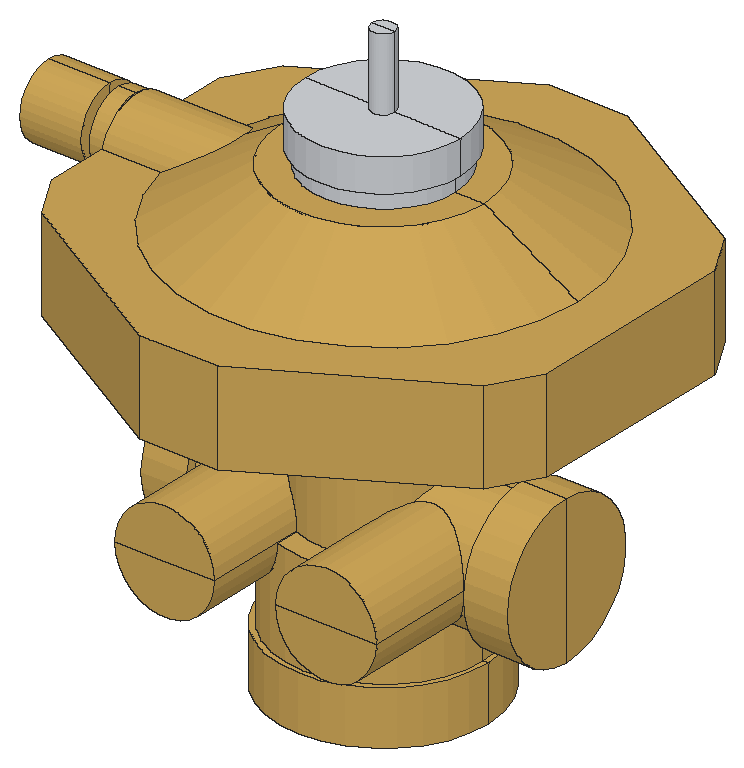
Revit family "Differenzdruckregler 4002 FIX TS 50kPa", category Rohrzubehör, Revit 2020
Family settings
  Bemaßung runder Anschluss = Durchmesser verwenden
  Teiletyp = Unterbricht
  OmniClass-Nummer = 23.65.55.14
  OmniClass-Titel = Valves for Liquid Services
  Arbeitsebenenbasiert = Nein
  Immer vertikal = Ja
  Beim Laden mit Abzugskörper schneiden = Nein
  Gemeinsam genutzt = Nein
Parameters (values of type "Ohne Dämmung")
  y2 [instance] = K14 + K9 + H01  # 45.649 mm
  y1 [instance] = (R03 * 2) + R05  # 66.000 mm
  k25 = 9.000 mm  # constant formula
  k24 = 13.000 mm  # constant formula
  k23 = 6.000 mm  # constant formula
  k22 = 22.000 mm  # constant formula
  k21 = 13.000 mm  # constant formula
  k20 = 14.000 mm  # constant formula
  k19 = 2.000 mm  # constant formula
  Vorgabe-Ansicht = 0.000 mm
  PN = 16  # constant formula
  Min. Betriebstemperatur (Frostschutz) = -20 °C  # constant formula
  Max. zulässige Betriebstemperatur bis DN32 = 130 °C  # constant formula
  Max. zulässige Betriebstemperatur DN40 - DN50 = 110 °C  # constant formula
  Max. Differenzdruck am Gehäuse = 400000.0 Pa  # constant formula
  Max. Betriebsdruck = 1600000.0 Pa  # constant formula
  Ventilschaft = "Edelstahl 14301"  # constant formula
  VRL01 [instance] = 30.000 mm  # constant formula
  V12 = 17.000 mm  # constant formula
  V10 = 16.000 mm  # constant formula
  V09 [instance] = 11.000 mm  # constant formula
  V08 [instance] = G01 + 3.000 mm  # 16.220 mm
  V03 [instance] = G01 + 5.000 mm  # 18.220 mm
  V02 [instance] = V01 + 4.500 mm  # 12.000 mm
  V01 [instance] = Nennweite / 2  # 7.500 mm
  URL = "www.herz-armaturen.at"
  SCRNSEQ = "ARM;ARM_TYP=\"DIFR\";2"
  SCRNCODE = "05;03;4"  # constant formula
  S07 = 10.000 mm  # constant formula
  S05 [instance] = S01 - 1.000 mm  # 13.850 mm
  S04 [instance] = S02 - 1.000 mm  # 18.000 mm
  S03 [instance] = size_lookup("4002_FIX_TS_50", "S03", 26.500 mm, Nennweite)  # 25.600 mm
  S02 [instance] = size_lookup("4002_FIX_TS_50", "S02", 19.000 mm, Nennweite)  # 19.000 mm
  S01 [instance] = size_lookup("4002_FIX_TS_50", "S01", 14.850 mm, Nennweite)  # 14.850 mm
  Regleranschlussmutter = "Messing CW614N"  # constant formula
  Regelbereich = "FIX 50kPa"  # constant formula
  R06 [instance] = size_lookup("4002_FIX_TS_50", "R06", 14.500 mm, Nennweite)  # 14.500 mm
  R05 [instance] = size_lookup("4002_FIX_TS_50", "R05", 41.000 mm, Nennweite)  # 50.000 mm
  R04 [instance] = size_lookup("4002_FIX_TS_50", "R04", 12.500 mm, Nennweite)  # 12.500 mm
  R03 [instance] = size_lookup("4002_FIX_TS_50", "R03", 8.000 mm, Nennweite)  # 8.000 mm
  R02 = 14.500 mm  # constant formula
  R01 [instance] = size_lookup("4002_FIX_TS_50", "R01", 11.500 mm, Nennweite)  # 11.500 mm
  Min. Betriebstemperatur (reines Wasser) = 2 °C  # constant formula
  O-Ringe = "EPDM"  # constant formula
  Nennweite [instance] = 15.000 mm
  Membrangehäuse = "Messing CW602N"  # constant formula
  Membrane = "EPDM"  # constant formula
  Medium = "Wasserbeschaffenheit nach ÖNORM H 5195 und VDI 2035\r\nDie Verwendung von Ethylen- und Propylenglykol ist im\r\nMischungsverhältnis 25 - 50 Vol.-% zulässig."
  L07 [instance] = size_lookup("4002_FIX_TS_50", "L07", 33.000 mm, Nennweite)  # 33.000 mm
  L06 = 7.000 mm  # constant formula
  L [instance] = size_lookup("4002_FIX_TS_50", "L", 66.000 mm, Nennweite)  # 66.000 mm
  K9 = 4.000 mm  # constant formula
  K8 = 55.000 mm  # constant formula
  K7 = 8.700 mm  # constant formula
  K6 = 11.700 mm  # constant formula
  K5 = 13.000 mm  # constant formula
  K4 = 12.000 mm  # constant formula
  K3 = 15.000 mm  # constant formula
  K2 = 2.350 mm  # constant formula
  K18 = 89.000 mm  # constant formula
  K17 = 66.700 mm  # constant formula
  K16 = 3.000 mm  # constant formula
  K15 = 26.649 mm  # constant formula
  K14 = 16.649 mm  # constant formula
  K13 = 16.649 mm  # constant formula
  K12 = 10.000 mm  # constant formula
  K11 = 35.000 mm  # constant formula
  K10 = 18.250 mm  # constant formula
  K1.1 = 2.350 mm  # constant formula
  K1 = 7.651 mm - 1.000 mm  # 6.651 mm
  J9 = 15.700 mm  # constant formula
  J8 = 7.850 mm  # constant formula
  J7 = 15.897 mm  # constant formula
  J6 = 3.900 mm  # constant formula
  J5 = 6.500 mm  # constant formula
  J4 = 1.500 mm  # constant formula
  J3 = 3.200 mm  # constant formula
  J2 = 11.000 mm  # constant formula
  J11 = 3.500 mm  # constant formula
  J10 = 18.897 mm  # constant formula
  J1 = 6.500 mm  # constant formula
  Hersteller = "HERZ-Armaturen Ges.m.b.H"  # constant formula
  H2 [instance] = size_lookup("4002_FIX_TS_50", "H2", 28.000 mm, Nennweite)  # 28.000 mm
  H1 [instance] = K1 + K2 + K3 + K4 + K5 + K7 + K8 + K16 + 16.650 mm  # 132.351 mm
  H04 = 4.000 mm  # constant formula
  H03 = 9.800 mm  # constant formula
  H02 [instance] = size_lookup("4002_FIX_TS_50", "H02", 53.000 mm, Nennweite)  # 53.000 mm
  H01 [instance] = size_lookup("4002_FIX_TS_50", "H01", 25.000 mm, Nennweite)  # 25.000 mm
  Gehäuse = "DZR Messing CC770S"  # constant formula
  G01 [instance] = size_lookup("4002_FIX_TS_50", "G01", 13.220 mm, Nennweite)  # 13.220 mm
  Hinweise zum Material = "Gemäß Art 33 der REACH-Verordnung (EG Nr. 1907/2006) sind wir verpflichtet, darauf hinzuweisen,\r\ndass der Stoff Blei auf der SVHC-Liste geführt wird und dass alle aus Messing bestehenden Bauteile,\r\ndie in unseren Erzeugnissen verarbeitet sind, mehr als 0,1 % (w/w) Blei (CAS: 7439-92-1 / EINECS:\r\n231-100-4) enthalten. Da Blei als Legierungsbestandteil fest gebunden ist, sind keine Expositionen zu\r\nerwarten und daher sind keine zusätzlichen Angaben zur sicheren Verwendung notwendig.\r\n\r\nIm Hanf enthaltenes Ammoniak schädigt\r\nMessingventilgehäuse, EPDM Dichtungen werden durch\r\nMineralöle bzw. mineralölhaltige Schmierstoffe aufgequollen\r\nund führen somit zum Ausfall der EPDM-Dichtungen. Für\r\nFrost- und Korrosionsschutzmittel auf der Basis von Ethylen- und Propylenglykol sind die entsprechenden\r\nAngaben den Unterlagen des Herstellers zu entnehmen."
  Dämmung = no
  Dämmschale = "EPP (expandiertes Polypropylen)"  # constant formula
  Druckfeder = "Federstahl, rost-und säurebeständig"  # constant formula
  DN50 [instance] = Nennweite = 50.000 mm  # no
  DN40 [instance] = Nennweite = 40.000 mm  # no
  DN32-40 [instance] = or(Nennweite = 32.000 mm, Nennweite = 40.000 mm)  # no
  DN32 [instance] = Nennweite = 32.000 mm  # no
  DN25 [instance] = Nennweite = 25.000 mm  # no
  DN20 [instance] = Nennweite = 20.000 mm  # no
  DN15-25 [instance] = or(Nennweite = 15.000 mm, Nennweite = 20.000 mm, Nennweite = 25.000 mm)  # yes
  DN15,20,25,32,50 [instance] = or(Nennweite = 15.000 mm, Nennweite = 20.000 mm, Nennweite = 25.000 mm, Nennweite = 32.000 mm, Nennweite = 50.000 mm)  # yes
  DN15 [instance] = Nennweite = 15.000 mm  # yes
  D07 [instance] = if(Nennweite = 15.000 mm, 32.000 mm, if(Nennweite = 20.000 mm, 33.000 mm, if(Nennweite = 25.000 mm, 33.000 mm, if(Nennweite = 32.000 mm, 49.000 mm, if(Nennweite = 40.000 mm, 57.560 mm, if(Nennweite = 50.000 mm, 57.560 mm, 0.000 mm))))))  # 32.000 mm
  D06 [instance] = if(Nennweite = 15.000 mm, 32.000 mm, if(Nennweite = 20.000 mm, 33.000 mm, if(Nennweite = 25.000 mm, 33.000 mm, if(Nennweite = 32.000 mm, 49.000 mm, if(Nennweite = 40.000 mm, 57.560 mm, if(Nennweite = 50.000 mm, 57.560 mm, 0.000 mm))))))  # 32.000 mm
  D05 [instance] = if(Nennweite = 15.000 mm, 36.750 mm, if(Nennweite = 20.000 mm, 40.700 mm, if(Nennweite = 25.000 mm, 49.200 mm, if(Nennweite = 32.000 mm, 54.150 mm, if(Nennweite = 40.000 mm, 60.750 mm, if(Nennweite = 50.000 mm, 72.700 mm, 0.000 mm))))))  # 36.750 mm
  D04 [instance] = if(Nennweite = 15.000 mm, 78.500 mm, if(Nennweite = 20.000 mm, 82.000 mm, if(Nennweite = 25.000 mm, 84.000 mm, if(Nennweite = 32.000 mm, 120.000 mm, if(Nennweite = 40.000 mm, 130.000 mm, if(Nennweite = 50.000 mm, 130.500 mm, 0.000 mm))))))  # 78.500 mm
  D03 [instance] = if(Nennweite = 15.000 mm, 96.000 mm, if(Nennweite = 20.000 mm, 110.000 mm, if(Nennweite = 25.000 mm, 112.000 mm, if(Nennweite = 32.000 mm, 152.000 mm, if(Nennweite = 40.000 mm, 170.000 mm, if(Nennweite = 50.000 mm, 179.000 mm, 0.000 mm))))))  # 96.000 mm
  D02 [instance] = size_lookup("4002_FIX_TS_50", "R05", 41.000 mm, Nennweite)  # 50.000 mm
  D01 [instance] = size_lookup("4002_FIX_TS_50", "G01", 13.220 mm, Nennweite)  # 13.220 mm
  Bestellnummer Dämmung [instance] = if(and(Dämmung, Nennweite = 15.000 mm), 1400291, if(and(Dämmung, Nennweite = 20.000 mm), 1400291, if(and(Dämmung, Nennweite = 25.000 mm), 1400291, if(and(Dämmung, Nennweite = 32.000 mm), 1400291, if(and(Dämmung, Nennweite = 40.000 mm), 1400291, if(and(Dämmung, Nennweite = 50.000 mm), 1400291, 0))))))  # 0
  Bestellnummer [instance] = size_lookup("4002_FIX_TS_50", "Artnr", 0, Nennweite)  # 1400291
  B2 [instance] = size_lookup("4002_FIX_TS_50", "B2", 31.000 mm, Nennweite)  # 31.000 mm
  B1 [instance] = size_lookup("4002_FIX_TS_50", "B1", 26.000 mm, Nennweite)  # 26.000 mm
  B04 = 100.649 mm  # constant formula
  B03 = 44.500 mm  # constant formula
  B02 = 104.688 mm  # constant formula
  B01 = 10.000 mm  # constant formula
  Anwendungsgebiet = "Der Differenzdruckregler ist ein Regler mit linearer Kennlinie in Geradsitzausführung und arbeitet ohne Hilfsenergie. Der Differenzdruck-Sollwert beträgt 23 kPa, 50 kPa bzw 13 kPa. Im Lieferumfang enthalten ist die Impulsleitung (1000 mm), diese ist mit einem Strangregulierventil im Vorlauf zu verbinden."
  Anschlussnippel = "Messing CW602N"  # constant formula
  Anschlussgewinde für Antrieb = "Messing CW602N"  # constant formula
Types (2, lengths in mm): name | y2 | y1 | V08 | V03 | V02 | V01 | S03 | R05 | R04 | R03 | R01 | Nennweite | L07 | L | H2 | H02 | H01 | G01 | Dämmung | DN25 | DN15 | D07 | D06 | D05 | D04 | D03 | D02 | D01 | Bestellnummer Dämmung | Bestellnummer | B2 | B1
  Ohne Dämmung | 45.649 | 66.000 | 16.220 | 18.220 | 12.000 | 7.500 | 25.600 | 50.000 | 12.500 | 8.000 | 11.500 | 15.000 | 33.000 | 66.000 | 28.000 | 53.000 | 25.000 | 13.220 | no | no | yes | 32.000 | 32.000 | 36.750 | 78.500 | 96.000 | 50.000 | 13.220 | 0 | 1400291 | 31.000 | 26.000
  Mit Dämmung | 46.649 | 76.000 | 23.600 | 25.600 | 17.000 | 12.500 | 29.000 | 58.200 | 14.500 | 8.900 | 14.800 | 25.000 | 38.000 | 76.000 | 29.000 | 54.500 | 26.000 | 20.600 | yes | yes | no | 33.000 | 33.000 | 49.200 | 84.000 | 112.000 | 58.200 | 20.600 | 1400291 | 1400293 | 33.000 | 28.000
Reference planes
  plane 1 "Mitte (Vorne/hinten)": y = 0
  plane 2: z = 0
  plane 3 "Mitte (Links/rechts)": x = 0
Forms (mm)
  Revolve 1, solid, material "Messing, weicher Gelbton, geschweißt", detail levels fine
    sketch origin (0, 0, 0) x (1, 0, 0) y (0, 0, 1)
      loop
        line (-33, 0) -> (33, 0) -> (33, 13.22) -> (25, 13.22) -> (25, 11.5) -> (-25, 11.5) -> (-25, 13.22) -> (-33, 13.22) -> (-33, 0)
      axis (-33, 0) -> (33, 0)
    angle from 0 to 360
  Revolve 2, solid, material "Messing, weicher Gelbton, geschweißt", detail levels fine
    sketch origin (0, 0, 0) x (1, 0, 0) y (0, 0, 1)
      loop
        line (0, -28) -> (0, 0) -> (-18, 0) -> (-18, -18.2) -> (-19, -18.2) -> (-19, -28) -> (0, -28)
      axis (0, 0) -> (0, -28)
    angle from 0 to 360
  Extrusion 3, solid, material "Messing, weicher Gelbton, geschweißt", detail levels fine
    sketch origin (0, 0, 0) x (0, -1, 0) y (1, 0, 0)
      loop
        line (-46, -7.038) -> (-27.114, -39.75) -> (-18.886, -44.5) -> (18.886, -44.5) -> (27.114, -39.75) -> (46, -7.038) -> (46, 7.038) -> (27.114, 39.75) -> (18.886, 44.5) -> (-18.886, 44.5) -> (-27.114, 39.75) -> (-46, 7.038) -> (-46, -7.038)
    from 29 to 45.649
  Revolve 4, solid, material "Messing, weicher Gelbton, geschweißt", detail levels fine
    sketch origin (0, 0, -7.051) x (1, 0, 0) y (0, 0, 1)
      loop
        line (0, 52.7) -> (0, 62.7) -> (-18.25, 62.7) -> (-35, 52.7) -> (0, 52.7)
      axis (0, 62.7) -> (0, 52.7)
    angle from 0 to 360
  Revolve 5, solid, material "Messing, weicher Gelbton, geschweißt", visible <- "DN15-25", detail levels fine
    sketch origin (-11, 0, 0) x (1, 0, 0) y (0, 1, 0)
      loop
        line (-1.5, 26) -> (-9.2, 26) -> (-9.2, 0) -> (-1.5, 0) -> (-1.5, 26)
      axis (-1.5, 0) -> (-1.5, 26)
    angle from 0 to 360
  Revolve 6, solid, material "Messing, weicher Gelbton, geschweißt", detail levels fine
    sketch origin (-0.988, 0, -6.853) x (-1, 0, 0) y (0, 0, 1)
      loop
        line (43.5, 51.75) -> (59.2, 51.75) -> (59.2, 58.25) -> (48.2, 58.25) -> (48.2, 55.65) -> (46.7, 55.65) -> (46.7, 58.25) -> (43.5, 58.25) -> (43.5, 51.75)
      axis (43.5, 51.75) -> (59.2, 51.75)
    angle from 0 to 360
  Extrusion 7, solid, material "Messing, weicher Gelbton, geschweißt", detail levels fine
    sketch origin (0, 0, 0) x (0, 1, 0) y (0, 0, -1)
      loop
        line (7.85, -43.547) -> (7.85, -32.5) -> (-7.85, -32.5) -> (-7.85, -43.547)
        arc (-7.85, -43.547) -> (0, -51.397) -> (7.85, -43.547) r 7.85
    from 0 to 44.5
  Revolve 8, solid, material "Messing, weicher Gelbton, geschweißt", visible <- "DN15-25", detail levels fine
    sketch origin (-2, 0, 0) x (1, 0, 0) y (0, 1, 0)
      loop
        line (-12.5, 0) -> (-21.5, 0) -> (-21.5, -31) -> (-12.5, -31) -> (-12.5, 0)
      axis (-12.5, 0) -> (-12.5, -31)
    angle from 0 to 360
  Revolve 9, solid, material "Messing, weicher Gelbton, geschweißt", visible <- "DN15-25", detail levels fine
    sketch origin (2, 0, 0) x (1, 0, 0) y (0, 1, 0)
      loop
        line (12.5, 0) -> (12.5, -31) -> (21.6, -31) -> (21.6, 0) -> (12.5, 0)
      axis (12.5, 0) -> (12.5, -31)
    angle from 0 to 360
  Extrusion 10, solid, material "Messing, weicher Gelbton, geschweißt", visible <- "DN32", detail levels fine
    sketch origin (-31.5, 0, 0) x (1, 0, 0) y (0, 1, 0)
      loop
        circle (63, 0) r 6.578
      loop
        circle (63, 0) r 3.28
    from -47 to 0
  Extrusion 11, solid, material "Messing, weicher Gelbton, geschweißt", visible <- "DN32", detail levels fine
    sketch origin (31.5, 0, 0) x (-1, 0, 0) y (0, -1, 0)
      loop
        circle (63, 0) r 6.578
      loop
        circle (63, 0) r 3.28
    from -47 to 0
  Revolve 12, solid, material "Messing, weicher Gelbton, geschweißt", detail levels fine
    sketch origin (0, 0, 0) x (1, 0, 0) y (0, 0, 1)
      loop
        line (-13.85, 0) -> (0, 0) -> (0, 29) -> (-9.85, 29) -> (-9.85, 25) -> (-14.85, 25) -> (-14.85, 15.2) -> (-13.85, 15.2) -> (-13.85, 0)
      axis (0, 29) -> (0, 0)
    angle from 0 to 360
  Extrusion 13, solid, material "Messing, weicher Gelbton, geschweißt", visible <- "DN40", detail levels fine
    sketch origin (29.382, 0, 0) x (-1, 0, 0) y (0, -1, 0)
      loop
        circle (63, 0) r 6.578
      loop
        circle (63, 0) r 3.28
    from -58 to 0
  Extrusion 14, solid, material "Messing, weicher Gelbton, geschweißt", visible <- "DN40", detail levels fine
    sketch origin (-29.455, 0, 0) x (1, 0, 0) y (0, 1, 0)
      loop
        circle (63, 0) r 6.578
      loop
        circle (63, 0) r 3.28
    from -58 to 0
  Extrusion 15, solid, material "Messing, weicher Gelbton, geschweißt", visible <- "DN50", detail levels fine
    sketch origin (28.422, 0, 0) x (-1, 0, 0) y (0, -1, 0)
      loop
        circle (63, 0) r 6.578
      loop
        circle (63, 0) r 3.28
    from -58 to 0
  Extrusion 16, solid, material "Messing, weicher Gelbton, geschweißt", visible <- "DN50", detail levels fine
    sketch origin (-28.422, 0, 0) x (1, 0, 0) y (0, 1, 0)
      loop
        circle (63, 0) r 6.578
      loop
        circle (63, 0) r 3.28
    from -58 to 0
  Revolve 17, solid, material "Messing, weicher Gelbton, geschweißt", visible <- "DN32-40", detail levels fine
    sketch origin (-11, 0, 0) x (1, 0, 0) y (0, 1, 0)
      loop
        line (-1.5, -26) -> (-1.5, 0) -> (-9.2, 0) -> (-9.2, -26) -> (-1.5, -26)
      axis (-1.5, 0) -> (-1.5, -26)
    angle from 0 to 360
  Revolve 18, solid, material "Messing, weicher Gelbton, geschweißt", not visible, detail levels fine
    sketch origin (10.652, 0, 0) x (-1, 0, 0) y (0, 0, 1)
      loop
        line (43.652, 0) -> (73.652, 0) -> (73.652, 7.5) -> (56.652, 7.5) -> (56.652, 12) -> (47.652, 12) -> (47.652, 18.22) -> (40.652, 18.22) -> (40.652, 16.22) -> (35.652, 16.22) -> (35.652, 13.22) -> (43.652, 13.22) -> (43.652, 0)
      axis (35.652, 0) -> (73.652, 0)
    angle from 0 to 360
  Revolve 19, solid, material "Messing, weicher Gelbton, geschweißt", not visible, detail levels fine
    sketch origin (-9.448, 0, 0) x (1, 0, 0) y (0, 0, 1)
      loop
        line (42.448, 0) -> (72.448, 0) -> (72.448, 7.5) -> (55.448, 7.5) -> (55.448, 12) -> (46.448, 12) -> (46.448, 18.22) -> (39.448, 18.22) -> (39.448, 16.22) -> (34.448, 16.22) -> (34.448, 13.22) -> (42.448, 13.22) -> (42.448, 0)
      axis (34.448, 0) -> (72.448, 0)
    angle from 0 to 360
  Revolve 20, solid, detail levels fine
    sketch origin (0, 0, 0) x (1, 0, 0) y (0, 0, 1)
      loop
        line (0, 55.649) -> (0, 77.649) -> (-2, 77.649) -> (-2, 64.649) -> (-14, 64.649) -> (-14, 58.649) -> (-13, 58.649) -> (-13, 55.649) -> (0, 55.649)
      axis (0, 77.649) -> (0, 55.649)
    angle from 0 to 360
  Revolve 21, solid, material "Kunsstoff-Anthrazit/Schwarz", visible <- "Dämmung"
    sketch origin (0, 0, 0) x (1, 0, 0) y (0, 0, 1)
      loop
        line (0, -46.5) -> (36.75, -46.5) -> (36.75, 32) -> (0, 32) -> (0, -46.5)
      axis (0, 32) -> (0, -46.5)
    angle from 0 to 360
  Revolve 22, solid, material "Kunsstoff-Anthrazit/Schwarz", visible <- "Dämmung"
    sketch origin (0, 0, 0) x (1, 0, 0) y (0, 0, 1)
      loop
        line (0, 32) -> (-48, 32) -> (-48, 13.22) -> (-25, 13.22) -> (-25, 0) -> (25, 0) -> (25, 10) -> (48, 10) -> (48, 32) -> (0, 32)
      axis (-48, 0) -> (48, 0)
    angle from 0 to 360
  Extrusion 23, void
    sketch origin (-196.626, 0, 0) x (1, 0, 0) y (0, 0, 1)
      loop
        line (106.193, 29) -> (304.626, 29) -> (304.626, 45.649) -> (106.193, 45.649) -> (106.193, 29)
    from -96.074 to 95.029
  Extrusion 24, void
    sketch origin (-330.981, 0, 0) x (1, 0, 0) y (0, 0, 1)
      loop
        line (226.44, 29) -> (455.981, 29) -> (455.981, 45.649) -> (226.44, 45.649) -> (226.44, 29)
    from -101.402 to 98.396
Cuts and joins
  Extrusion 23 cuts Revolve 21
  Extrusion 24 cuts Revolve 22
Lines and regions (mm)
  model lines, detail levels coarse+medium
    curve 1: line (33, -13.22, 0) -> (33, 13.22, 0)
    curve 2: line (33, 13.22, 0) -> (-33, -13.22, 0)
    curve 3: line (-33, -13.22, 0) -> (-33, 13.22, 0)
    curve 4: line (-33, 13.22, 0) -> (33, -13.22, 0)
    curve 5: line (0, -15, 0) -> (0, -29, 0)
    curve 6: spline (-44.5, -37.324, 0) -> (-42.984, -35.17, 0) -> (-38.538, -33.162, 0) -> (-31.466, -31.438, 0) -> (-22.25, -30.115, 0) -> (-11.517, -29.284, 0) -> (0, -29, 0) -> (11.517, -29.284, 0) -> (22.25, -30.115, 0) -> (31.466, -31.438, 0) -> (38.538, -33.162, 0) -> (42.984, -35.17, 0) -> (44.5, -37.325, 0) -> (42.984, -39.479, 0) -> (38.538, -41.487, 0) -> (31.466, -43.211, 0) -> (22.25, -44.534, 0) -> (11.517, -45.365, 0) -> (0, -45.649, 0) -> (-11.517, -45.365, 0) -> (-22.25, -44.534, 0) -> (-31.466, -43.211, 0) -> (-38.538, -41.487, 0) -> (-42.984, -39.479, 0) -> (-44.5, -37.324, 0)
    curve 7: line (-33, 0, 13.22) -> (-33, 0, -13.22)
    curve 8: line (-33, 0, -13.22) -> (33, 0, 13.22)
    curve 9: line (33, 0, 13.22) -> (33, 0, -13.22)
    curve 10: line (33, 0, -13.22) -> (-33, 0, 13.22)
    curve 11: line (0, 0, 13.22) -> (0, 0, 29)
    curve 12: spline (-44.5, 0, 37.325) -> (-42.984, 0, 39.479) -> (-38.538, 0, 41.487) -> (-31.466, 0, 43.211) -> (-22.25, 0, 44.534) -> (-11.517, 0, 45.365) -> (0, 0, 45.649) -> (11.517, 0, 45.365) -> (22.25, 0, 44.534) -> (31.466, 0, 43.211) -> (38.538, 0, 41.487) -> (42.984, 0, 39.479) -> (44.5, 0, 37.324) -> (42.984, 0, 35.17) -> (38.538, 0, 33.162) -> (31.466, 0, 31.438) -> (22.25, 0, 30.115) -> (11.517, 0, 29.284) -> (0, 0, 29) -> (-11.517, 0, 29.284) -> (-22.25, 0, 30.115) -> (-31.466, 0, 31.438) -> (-38.538, 0, 33.162) -> (-42.984, 0, 35.17) -> (-44.5, 0, 37.325)
    curve 13: line (0, 0, 13.22) -> (16.5, 0, 6.61)
    curve 14: line (0, 0, 13.22) -> (-16.5, 0, 6.61)
    curve 15: line (33, 0, 0) -> (63, 0, 0)
    curve 16: line (-33, 0, 0) -> (-63, 0, 0)
    curve 17: line (0, -15, 0) -> (-22.716, -9.1, 0)
    curve 18: line (0, -15, 0) -> (22.716, -9.1, 0)
    curve 19: line (33, 0, 13.22) -> (33, 0, -13.22)
    curve 20: line (33, 0, 13.22) -> (43, 0, 13.22)
    curve 21: line (43, 0, 13.22) -> (33, 0, 0)
    curve 22: line (43, 0, -13.22) -> (33, 0, 0)
    curve 23: line (33, 0, -13.22) -> (43, 0, -13.22)
    curve 24: line (-33, 0, 13.22) -> (-33, 0, -13.22)
    curve 25: line (-33, 0, 13.22) -> (-43, 0, 13.22)
    curve 26: line (-43, 0, 13.22) -> (-33, 0, 0)
    curve 27: line (-43, 0, -13.22) -> (-33, 0, 0)
    curve 28: line (-33, 0, -13.22) -> (-43, 0, -13.22)
    curve 29: line (-33, 13.22, 0) -> (-43, 13.22, 0)
    curve 30: line (-43, 13.22, 0) -> (-33, 0, 0)
    curve 31: line (-33, -13.22, 0) -> (-43, -13.22, 0)
    curve 32: line (-43, -13.22, 0) -> (-33, 0, 0)
    curve 33: line (33, -13.22, 0) -> (33, 13.22, 0)
    curve 34: line (33, 13.22, 0) -> (43, 13.22, 0)
    curve 35: line (43, 13.22, 0) -> (33, 0, 0)
    curve 36: line (33, -13.22, 0) -> (43, -13.22, 0)
    curve 37: line (43, -13.22, 0) -> (33, 0, 0)
Dimensions and locks
  "G01": Revolve 1 sketch curve to Revolve 1 sketch curve  (x2)
  "R01": Revolve 1 sketch curve to Revolve 1 sketch curve
  "R03": Revolve 1 sketch curve to Revolve 1 sketch curve  (x2)
  "K10": Revolve 4 sketch curve to Revolve 4 sketch curve
  "K11": Revolve 4 sketch curve to Revolve 4 sketch curve
  "B1": Revolve 5 sketch curve to Revolve 5 sketch curve
  "J1": Revolve 6 sketch curve to Revolve 6 sketch curve
  "J3": Revolve 6 sketch curve to Revolve 6 sketch curve
  "J4": Revolve 6 sketch curve to Revolve 6 sketch curve
  "J2": Revolve 6 sketch curve to Revolve 6 sketch curve
  "J5": Revolve 6 sketch curve to Revolve 6 sketch curve
  "J6": Revolve 6 sketch curve to Revolve 6 sketch curve
  "H2": plane 2 to Revolve 2 sketch curve
  "H03": Revolve 2 sketch curve to Revolve 2 sketch curve
  "S02": plane 3 "Mitte (Links/rechts)" to Revolve 2 sketch curve
  "B02": Revolve 6 to Extrusion 3
  "B03": Extrusion 3 to plane 3 "Mitte (Links/rechts)"
  "R04": Revolve 5 sketch curve to plane 3 "Mitte (Links/rechts)"
  "K12": Revolve 4 sketch curve to Revolve 4 sketch curve
  "K13": Revolve 4 sketch curve to Extrusion 3
  "K14": Extrusion 3 to Extrusion 3
  "R05": Revolve 1 sketch curve to Revolve 1 sketch curve
  plane 3 "Mitte (Links/rechts)" to Revolve 1 sketch curve = 33.000 mm
  Revolve 1 sketch curve to plane 3 "Mitte (Links/rechts)" = 33.000 mm
  equal spacing: Revolve 1 sketch curve, plane 3 "Mitte (Links/rechts)", Revolve 1 sketch curve
  "B2": plane 1 "Mitte (Vorne/hinten)" to Revolve 8 sketch curve
  "B2": Revolve 9 sketch curve to plane 1 "Mitte (Vorne/hinten)"
  "R06": Revolve 8 sketch curve to plane 3 "Mitte (Links/rechts)"
  "R06": plane 3 "Mitte (Links/rechts)" to Revolve 9 sketch curve
  "S01": Revolve 12 sketch curve to plane 3 "Mitte (Links/rechts)"
  "S05": plane 3 "Mitte (Links/rechts)" to Revolve 12 sketch curve
  "H04": Revolve 12 sketch curve to Revolve 12 sketch curve
  "H03": Revolve 12 sketch curve to Revolve 12 sketch curve
  "H01": Revolve 12 sketch curve to plane 2
  "K9": Extrusion 3 to Revolve 12
  Revolve 2 sketch curve to Revolve 2 sketch curve = 1.000 mm
  "J7": Revolve 6 sketch curve to Extrusion 3
  "J9": Extrusion 7 sketch curve to Extrusion 7 sketch curve
  "J10": Revolve 6 to Extrusion 7 sketch curve
  "J11": Extrusion 7 sketch curve to Extrusion 3
  equal spacing: curve 7, curve 6, curve 9
  "K18": Extrusion 3 to Extrusion 3
  equal spacing: curve 7, curve 14, curve 14
  equal spacing: curve 14, curve 13, curve 9
  "G01": curve 10 to plane 2
  "G01": plane 2 to curve 8
  "G01": curve 9 to plane 2
  "G01": plane 2 to curve 10
  "K18": curve 12 to curve 12
  "y1": curve 7 to curve 9
  "G01": curve 14 to plane 2
  "K14": curve 12 to curve 12
  "y2": curve 12 to plane 2
  "G01": plane 1 "Mitte (Vorne/hinten)" to curve 4
  "G01": curve 3 to plane 1 "Mitte (Vorne/hinten)"
  equal spacing: curve 3, curve 12, curve 1
  equal spacing: curve 3, curve 18, curve 1
  "y1": curve 3 to curve 1
  "G01": plane 1 "Mitte (Vorne/hinten)" to curve 2
  "G01": curve 4 to plane 1 "Mitte (Vorne/hinten)"
  "K18": curve 6 to curve 6
  "K14": curve 6 to curve 6
  "y2": curve 6 to plane 1 "Mitte (Vorne/hinten)"
  "B1": Revolve 17 sketch curve to Revolve 17 sketch curve
  "R04": Revolve 17 sketch curve to plane 3 "Mitte (Links/rechts)"
  "R03": Revolve 18 sketch curve to Revolve 18 sketch curve
  "V10": Revolve 18 sketch curve to Revolve 18 sketch curve
  "V12": Revolve 18 sketch curve to Revolve 18 sketch curve
  "VRL01": Revolve 18 sketch curve to Revolve 18 sketch curve
  "V02": Revolve 18 sketch curve to plane 2
  "V01": Revolve 18 sketch curve to plane 2
  "G01": Revolve 18 sketch curve to plane 2
  "V08": Revolve 18 sketch curve to plane 2
  "V03": Revolve 18 sketch curve to plane 2
  "R03": Revolve 19 sketch curve to Revolve 19 sketch curve
  "V10": Revolve 19 sketch curve to Revolve 19 sketch curve
  "V12": Revolve 19 sketch curve to Revolve 19 sketch curve
  "VRL01": Revolve 19 sketch curve to Revolve 19 sketch curve
  "V01": Revolve 19 sketch curve to plane 2
  "V02": Revolve 19 sketch curve to plane 2
  "G01": Revolve 19 sketch curve to plane 2
  "V08": Revolve 19 sketch curve to plane 2
  "V03": Revolve 19 sketch curve to plane 2
  "L07": Revolve 18 to plane 3 "Mitte (Links/rechts)"
  "L07": plane 3 "Mitte (Links/rechts)" to Revolve 19
  "S07": curve 28 to Revolve 18
  "S07": curve 26 to Revolve 18
  "S07": Revolve 19 to curve 21
  "S07": Revolve 19 to curve 23
  "G01": plane 2 to curve 28
  "G01": curve 25 to plane 2
  "G01": curve 20 to plane 2
  "G01": plane 2 to curve 23
  "S07": curve 30 to curve 3
  "S07": curve 32 to curve 3
  "S07": curve 33 to curve 35
  "S07": curve 33 to curve 37
  "k20": Revolve 20 sketch curve to Revolve 20 sketch curve
  "k24": Revolve 20 sketch curve to Revolve 20 sketch curve
  "k23": Revolve 20 sketch curve to Revolve 20 sketch curve
  "k21": Revolve 20 sketch curve to Revolve 20 sketch curve
  "k22": Revolve 20 sketch curve to Revolve 20 sketch curve
  "k19": Revolve 20 sketch curve to Revolve 20 sketch curve
  "k25": Revolve 20 to Revolve 4
  "D06": Revolve 21 sketch curve to plane 2
  "D05": Revolve 21 sketch curve to Revolve 21 sketch curve
  "D04": Revolve 21 sketch curve to Revolve 21 sketch curve
  "D07": Revolve 22 sketch curve to plane 2
  "D01": Revolve 22 sketch curve to plane 2
  "D03": Revolve 22 sketch curve to Revolve 22 sketch curve
  "D02": Revolve 22 sketch curve to Revolve 22 sketch curve
  equal spacing: Revolve 22 sketch curve, plane 3 "Mitte (Links/rechts)", Revolve 22 sketch curve  (x2)
  "K14": Extrusion 23 to Extrusion 23
  "K14": Extrusion 23 to Extrusion 3
  "K14": Extrusion 24 to Extrusion 24
  "K14": Extrusion 24 to Extrusion 3
  "J8": radius of Extrusion 7 sketch curve
  aligned and locked: level to plane 2
Automatic sketch dimensions
  plane 3 "Mitte (Links/rechts)" to Extrusion 3 sketch curve = 7.038 mm  (x2)
  Extrusion 3 sketch curve to plane 1 "Mitte (Vorne/hinten)" = 46.000 mm
  Extrusion 3 sketch curve to plane 1 "Mitte (Vorne/hinten)" = 27.114 mm  (x2)
  Extrusion 3 sketch curve to Extrusion 3 sketch curve = 8.227 mm  (x4)
  plane 1 "Mitte (Vorne/hinten)" to Extrusion 3 sketch curve = 18.886 mm  (x2)
  Extrusion 3 sketch curve to Extrusion 3 sketch curve = 18.886 mm
  Extrusion 3 sketch curve to plane 3 "Mitte (Links/rechts)" = 7.038 mm  (x2)
  Extrusion 3 sketch curve to Extrusion 3 sketch curve = 32.712 mm  (x4)
  Extrusion 3 sketch curve to Extrusion 3 sketch curve = 4.750 mm  (x2)
  Extrusion 10 sketch curve to Extrusion 10 sketch curve = 0.000 mm  (x2)
  plane 1 "Mitte (Vorne/hinten)" to Extrusion 10 sketch curve = 0.000 mm
  plane 3 "Mitte (Links/rechts)" to Extrusion 10 sketch curve = 31.500 mm
  Extrusion 11 sketch curve to Extrusion 11 sketch curve = 0.000 mm  (x2)
  plane 1 "Mitte (Vorne/hinten)" to Extrusion 11 sketch curve = 0.000 mm
  plane 3 "Mitte (Links/rechts)" to Extrusion 11 sketch curve = 31.500 mm
  Extrusion 13 sketch curve to Extrusion 13 sketch curve = 0.000 mm  (x2)
  plane 1 "Mitte (Vorne/hinten)" to Extrusion 13 sketch curve = 0.000 mm
  plane 3 "Mitte (Links/rechts)" to Extrusion 13 sketch curve = 33.618 mm
  Extrusion 14 sketch curve to Extrusion 14 sketch curve = 0.000 mm  (x2)
  plane 1 "Mitte (Vorne/hinten)" to Extrusion 14 sketch curve = 0.000 mm
  plane 3 "Mitte (Links/rechts)" to Extrusion 14 sketch curve = 33.545 mm
  Extrusion 15 sketch curve to Extrusion 15 sketch curve = 0.000 mm  (x2)
  plane 1 "Mitte (Vorne/hinten)" to Extrusion 15 sketch curve = 0.000 mm
  plane 3 "Mitte (Links/rechts)" to Extrusion 15 sketch curve = 34.578 mm
  Extrusion 16 sketch curve to Extrusion 16 sketch curve = 0.000 mm  (x2)
  plane 1 "Mitte (Vorne/hinten)" to Extrusion 16 sketch curve = 0.000 mm
  plane 3 "Mitte (Links/rechts)" to Extrusion 16 sketch curve = 34.578 mm
  level to Extrusion 23 sketch curve = 29.000 mm
  level to Extrusion 23 sketch curve = 45.649 mm
  Extrusion 23 sketch curve to plane 3 "Mitte (Links/rechts)" = 90.433 mm
  Extrusion 23 sketch curve to Extrusion 23 sketch curve = 198.433 mm
  level to Extrusion 24 sketch curve = 29.000 mm
  level to Extrusion 24 sketch curve = 45.649 mm
  Extrusion 24 sketch curve to plane 3 "Mitte (Links/rechts)" = 104.541 mm
  Extrusion 24 sketch curve to Extrusion 24 sketch curve = 229.541 mm
  curve 16 to level = 0.000 mm
  curve 11 to plane 3 "Mitte (Links/rechts)" = 0.000 mm
  curve 12 to plane 3 "Mitte (Links/rechts)" = 0.000 mm
  curve 15 to level = 0.000 mm
  curve 16 to curve 16 = 30.000 mm
  curve 15 to curve 15 = 30.000 mm
  plane 1 "Mitte (Vorne/hinten)" to curve 30 = 0.000 mm
  plane 1 "Mitte (Vorne/hinten)" to curve 32 = 0.000 mm
  curve 18 to plane 3 "Mitte (Links/rechts)" = 0.000 mm
  curve 6 to plane 3 "Mitte (Links/rechts)" = 0.000 mm
  plane 1 "Mitte (Vorne/hinten)" to curve 37 = 0.000 mm
  plane 1 "Mitte (Vorne/hinten)" to curve 35 = 0.000 mm
  curve 5 to curve 5 = 14.000 mm
  plane 1 "Mitte (Vorne/hinten)" to curve 17 = 9.100 mm
  plane 1 "Mitte (Vorne/hinten)" to curve 18 = 9.100 mm
  Revolve 1 sketch curve to level = 0.000 mm  (x2)
  Revolve 1 sketch curve to Revolve 1 sketch curve = 1473.530 mm
  Revolve 1 sketch curve to Revolve 1 sketch curve = 1806.148 mm
  Revolve 2 sketch curve to level = 0.000 mm
  Revolve 2 sketch curve to plane 3 "Mitte (Links/rechts)" = 0.000 mm  (x2)
  Revolve 2 sketch curve to Revolve 2 sketch curve = 1.000 mm
  Revolve 2 sketch curve to Revolve 2 sketch curve = 334.045 mm
  level to Revolve 2 sketch curve = 2218.015 mm
  Revolve 4 sketch curve to plane 3 "Mitte (Links/rechts)" = 0.000 mm  (x2)
  Revolve 4 sketch curve to level = 373.096 mm
  Revolve 4 sketch curve to Revolve 4 sketch curve = 2155.315 mm
  plane 1 "Mitte (Vorne/hinten)" to Revolve 5 sketch curve = 0.000 mm  (x2)
  Revolve 5 sketch curve to Revolve 5 sketch curve = 0.000 mm  (x2)
  Revolve 5 sketch curve to Revolve 5 sketch curve = 7.700 mm
  plane 3 "Mitte (Links/rechts)" to Revolve 6 sketch curve = 44.488 mm
  Revolve 6 sketch curve to Revolve 6 sketch curve = 0.000 mm  (x3)
  Extrusion 7 sketch curve to plane 1 "Mitte (Vorne/hinten)" = 0.000 mm
  Extrusion 7 sketch curve to Extrusion 7 sketch curve = 11.047 mm
  Extrusion 7 sketch curve to Extrusion 7 sketch curve = 0.000 mm
  plane 1 "Mitte (Vorne/hinten)" to Revolve 8 sketch curve = 0.000 mm  (x2)
  Revolve 8 sketch curve to Revolve 8 sketch curve = 9.000 mm
  Revolve 8 sketch curve to Revolve 8 sketch curve = 0.000 mm  (x2)
  plane 1 "Mitte (Vorne/hinten)" to Revolve 9 sketch curve = 0.000 mm  (x2)
  Revolve 9 sketch curve to Revolve 9 sketch curve = 9.100 mm
  Revolve 9 sketch curve to Revolve 9 sketch curve = 0.000 mm  (x2)
  Revolve 12 sketch curve to level = 0.000 mm  (x2)
  Revolve 12 sketch curve to plane 3 "Mitte (Links/rechts)" = 0.000 mm  (x2)
  Revolve 12 sketch curve to Revolve 12 sketch curve = 5.000 mm
  Revolve 12 sketch curve to Revolve 12 sketch curve = 0.000 mm
  plane 1 "Mitte (Vorne/hinten)" to Revolve 17 sketch curve = 0.000 mm  (x2)
  Revolve 17 sketch curve to Revolve 17 sketch curve = 7.700 mm
  Revolve 17 sketch curve to Revolve 17 sketch curve = 0.000 mm  (x2)
  Revolve 18 sketch curve to level = 0.000 mm  (x2)
  plane 3 "Mitte (Links/rechts)" to Revolve 18 sketch curve = 25.000 mm
  Revolve 18 sketch curve to Revolve 18 sketch curve = 4.000 mm
  Revolve 18 sketch curve to Revolve 18 sketch curve = 0.000 mm  (x2)
  Revolve 19 sketch curve to level = 0.000 mm  (x2)
  plane 3 "Mitte (Links/rechts)" to Revolve 19 sketch curve = 25.000 mm
  Revolve 19 sketch curve to Revolve 19 sketch curve = 4.000 mm
  Revolve 19 sketch curve to Revolve 19 sketch curve = 0.000 mm  (x2)
  curve 26 to level = 0.000 mm
  curve 27 to level = 0.000 mm
  curve 22 to level = 0.000 mm
  curve 21 to level = 0.000 mm
  curve 27 to curve 28 = 10.000 mm
  curve 19 to curve 20 = 10.000 mm
  Revolve 20 sketch curve to plane 3 "Mitte (Links/rechts)" = 0.000 mm  (x2)
  level to Revolve 20 sketch curve = 55.649 mm
  Revolve 20 sketch curve to Revolve 20 sketch curve = 0.000 mm  (x2)
  Revolve 21 sketch curve to plane 3 "Mitte (Links/rechts)" = 0.000 mm  (x2)
  Revolve 21 sketch curve to Revolve 21 sketch curve = 0.000 mm  (x2)
  Revolve 22 sketch curve to level = 0.000 mm  (x2)
  Revolve 22 sketch curve to plane 3 "Mitte (Links/rechts)" = 0.000 mm
  level to Revolve 22 sketch curve = 10.000 mm
  Revolve 22 sketch curve to Revolve 22 sketch curve = 0.000 mm  (x2)
  radius of Extrusion 10 sketch curve = 6.578 mm
  radius of Extrusion 10 sketch curve = 3.280 mm
  radius of Extrusion 11 sketch curve = 6.578 mm
  radius of Extrusion 11 sketch curve = 3.280 mm
  radius of Extrusion 13 sketch curve = 6.578 mm
  radius of Extrusion 13 sketch curve = 3.280 mm
  radius of Extrusion 14 sketch curve = 6.578 mm
  radius of Extrusion 14 sketch curve = 3.280 mm
  radius of Extrusion 15 sketch curve = 6.578 mm
  radius of Extrusion 15 sketch curve = 3.280 mm
  radius of Extrusion 16 sketch curve = 6.578 mm
  radius of Extrusion 16 sketch curve = 3.280 mm
Nested families
  nested 1: "Herz-Logo-vorne" at (-0.018, 17.815, -12.904) x (0, -1, 0) z (0, 0, 1), type "Herz-Logo-vorne", detail levels fine
  nested 2: "Herz-Logo-vorne" at (-0.018, 29.612, 0) x (0, -1, 0) z (0, 0, 1), visible <- "DN32", type "Herz-Logo-vorne", detail levels fine
  nested 3: "Herz-Logo-vorne" at (-0.018, 38.665, 0) x (0, -1, 0) z (0, 0, 1), visible <- "DN40", type "Herz-Logo-vorne", detail levels fine
  nested 4: "Herz-Logo-vorne" at (-0.018, 37.548, 0) x (0, -1, 0) z (0, 0, 1), visible <- "DN50", type "Herz-Logo-vorne", detail levels fine
Connectors
  piping at (-33, 0, 0), diameter 15, driven by "Nennweite"
    settings: on Revolve 1, index 1, connector inside diameter 609.6 mm, connector length 0.000 mm, flow factor 0, pipe flow 0.0 L/s, pressure drop 0.0 Pa, fitting loss kfactor 0, connector angle 0.00°, fixture units 0, engagement length 0.000 mm, angle of deflection 0.00°, flow configuration 0, flow direction 1, fitting loss method 0, system type 7, joint type 0, gender type 0, connector reference index -1, connector utility 0, adjustable connector no, is connector primary yes, connector description ""
  piping at (33, 0, 0), diameter 15, driven by "Nennweite"
    settings: on Revolve 1, index 2, connector inside diameter 609.6 mm, connector length 0.000 mm, flow factor 0, pipe flow 0.0 L/s, pressure drop 0.0 Pa, fitting loss kfactor 0, connector angle 0.00°, fixture units 0, engagement length 0.000 mm, angle of deflection 0.00°, flow configuration 0, flow direction 2, fitting loss method 0, system type 29, joint type 0, gender type 0, connector reference index -1, connector utility 0, adjustable connector no, is connector primary no, connector description ""
Definition of nested family "Herz-Logo-vorne"
  Parameters (values of type "Herz-Logo-vorne")
    Default Elevation = 0.000 mm
  Reference planes
    plane 1 "Mitte (Vorne/hinten)": y = 0
    plane 2: z = 0
    plane 3 "Mitte (Links/rechts)": x = 0
  Forms (mm)
    Extrusion 1, solid
      sketch origin (0.732, -0.018, 0.017) x (0, -1, 0) y (0, 0, 1)
        loop
          line (-0.018, -4.517) -> (4.482, -4.517) -> (4.482, 4.483) -> (-4.518, 4.483) -> (-4.518, -4.517) -> (-0.018, -4.517)
        loop
          line (-0.05, -3.48) -> (3.482, -3.48) -> (3.482, 3.483) -> (-3.518, 3.483) -> (-3.518, -3.48) -> (-0.05, -3.48)
        loop
          arc (-0.018, 2.383) -> (-1.543, 3.287) -> (-3.067, 2.383) r 1.738
          arc (-3.067, 2.383) -> (-3.191, 1.899) -> (-3.067, 1.415) r 1.009
          line (-3.067, 1.415) -> (-0.018, -3.281) -> (3.032, 1.415)
          arc (3.032, 1.415) -> (3.156, 1.899) -> (3.032, 2.383) r 1.009
          arc (3.032, 2.383) -> (1.507, 3.287) -> (-0.018, 2.383) r 1.738
        loop
          arc (1.885, 1.272) -> (2.005, 1.675) -> (1.885, 2.079) r 0.74
          arc (1.885, 2.079) -> (1.265, 2.416) -> (0.644, 2.079) r 0.74
          line (0.644, 2.079) -> (-0.018, 0.97) -> (-0.679, 2.079)
          arc (-0.679, 2.079) -> (-1.3, 2.416) -> (-1.921, 2.079) r 0.74
          arc (-1.921, 2.079) -> (-2.04, 1.675) -> (-1.921, 1.272) r 0.74
          line (-1.921, 1.272) -> (-0.018, -1.658) -> (1.885, 1.272)
      from 0 to 1.5
  Dimensions and locks
    aligned and locked: level to plane 2
